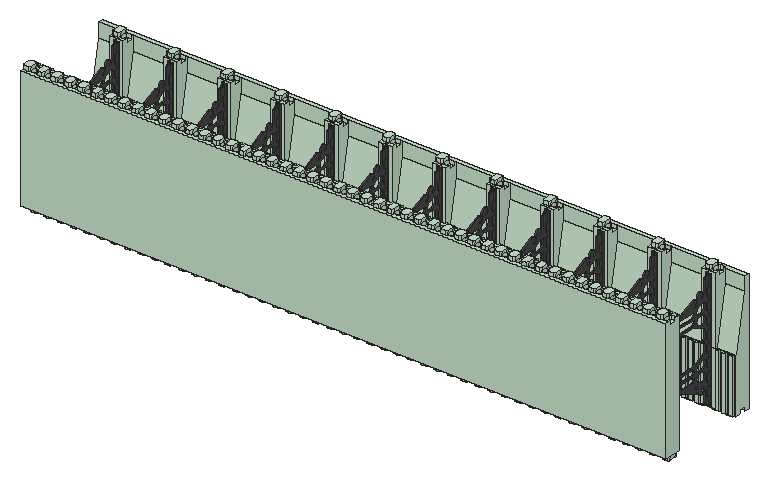
Revit family
Reference planes
  plane 1 "Center (Front/Back)": y = 0
  plane 2: z = 0
  plane 3 "Center (Left/Right)": x = 0
Forms (mm)
  Extrusion 1, solid, material "NUDURA Expanded Polystyrene Foam Insulation"
    sketch origin (0, -101.596, 0) x (1, 0, 0) y (0, 1, 0)
      loop
        line (7.142, -82.55) -> (0, -82.55) -> (0, -142.875) -> (2438.4, -142.875) -> (2438.4, -82.55) -> (2431.258, -82.55) -> (2432.842, -76.2) -> (2418.558, -76.2) -> (2420.142, -82.55) -> (2405.858, -82.55) -> (2407.442, -76.2) -> (2393.158, -76.2) -> (2394.742, -82.55) -> (2380.458, -82.55) -> (2382.042, -76.2) -> (2367.758, -76.2) -> (2369.342, -82.55) -> (2304.258, -82.55) -> (2305.842, -76.2) -> (2291.558, -76.2) -> (2293.142, -82.55) -> (2278.858, -82.55) -> (2280.442, -76.2) -> (2266.158, -76.2) -> (2267.742, -82.55) -> (2253.458, -82.55) -> (2255.042, -76.2) -> (2240.758, -76.2) -> (2242.342, -82.55) -> (2228.058, -82.55) -> (2229.642, -76.2) -> (2215.358, -76.2) -> (2216.942, -82.55) -> (2202.658, -82.55) -> (2204.242, -76.2) -> (2189.958, -76.2) -> (2191.542, -82.55) -> (2177.258, -82.55) -> (2178.842, -76.2) -> (2164.558, -76.2) -> (2166.142, -82.55) -> (2101.058, -82.55) -> (2102.642, -76.2) -> (2088.358, -76.2) -> (2089.942, -82.55) -> (2075.658, -82.55) -> (2077.242, -76.2) -> (2062.958, -76.2) -> (2064.542, -82.55) -> (2050.258, -82.55) -> (2051.842, -76.2) -> (2037.558, -76.2) -> (2039.142, -82.55) -> (2024.858, -82.55) -> (2026.442, -76.2) -> (2012.158, -76.2) -> (2013.742, -82.55) -> (1999.458, -82.55) -> (2001.042, -76.2) -> (1986.758, -76.2) -> (1988.342, -82.55) -> (1974.058, -82.55) -> (1975.642, -76.2) -> (1961.358, -76.2) -> (1962.942, -82.55) -> (1897.858, -82.55) -> (1899.442, -76.2) -> (1885.158, -76.2) -> (1886.742, -82.55) -> (1872.458, -82.55) -> (1874.042, -76.2) -> (1859.758, -76.2) -> (1861.342, -82.55) -> (1847.058, -82.55) -> (1848.642, -76.2) -> (1834.358, -76.2) -> (1835.942, -82.55) -> (1821.658, -82.55) -> (1823.242, -76.2) -> (1808.958, -76.2) -> (1810.542, -82.55) -> (1796.258, -82.55) -> (1797.842, -76.2) -> (1783.558, -76.2) -> (1785.142, -82.55) -> (1770.858, -82.55) -> (1772.442, -76.2) -> (1758.158, -76.2) -> (1759.742, -82.55) -> (1694.658, -82.55) -> (1696.242, -76.2) -> (1681.958, -76.2) -> (1683.542, -82.55) -> (1669.258, -82.55) -> (1670.842, -76.2) -> (1656.558, -76.2) -> (1658.142, -82.55) -> (1643.858, -82.55) -> (1645.442, -76.2) -> (1631.158, -76.2) -> (1632.742, -82.55) -> (1618.458, -82.55) -> (1620.042, -76.2) -> (1605.758, -76.2) -> (1607.342, -82.55) -> (1593.058, -82.55) -> (1594.642, -76.2) -> (1580.358, -76.2) -> (1581.942, -82.55) -> (1567.658, -82.55) -> (1569.242, -76.2) -> (1554.958, -76.2) -> (1556.542, -82.55) -> (1491.458, -82.55) -> (1493.042, -76.2) -> (1478.758, -76.2) -> (1480.342, -82.55) -> (1466.058, -82.55) -> (1467.642, -76.2) -> (1453.358, -76.2) -> (1454.942, -82.55) -> (1440.658, -82.55) -> (1442.242, -76.2) -> (1427.958, -76.2) -> (1429.542, -82.55) -> (1415.258, -82.55) -> (1416.842, -76.2) -> (1402.558, -76.2) -> (1404.142, -82.55) -> (1389.858, -82.55) -> (1391.442, -76.2) -> (1377.158, -76.2) -> (1378.742, -82.55) -> (1364.458, -82.55) -> (1366.042, -76.2) -> (1351.758, -76.2) -> (1353.342, -82.55) -> (1288.258, -82.55) -> (1289.842, -76.2) -> (1275.558, -76.2) -> (1277.142, -82.55) -> (1262.858, -82.55) -> (1264.442, -76.2) -> (1250.158, -76.2) -> (1251.742, -82.55) -> (1237.458, -82.55) -> (1239.042, -76.2) -> (1224.758, -76.2) -> (1226.342, -82.55) -> (1212.058, -82.55) -> (1213.642, -76.2) -> (1199.358, -76.2) -> (1200.942, -82.55) -> (1186.658, -82.55) -> (1188.242, -76.2) -> (1173.958, -76.2) -> (1175.542, -82.55) -> (1161.258, -82.55) -> (1162.842, -76.2) -> (1148.558, -76.2) -> (1150.142, -82.55) -> (1085.058, -82.55) -> (1086.642, -76.2) -> (1072.358, -76.2) -> (1073.942, -82.55) -> (1059.658, -82.55) -> (1061.242, -76.2) -> (1046.958, -76.2) -> (1048.542, -82.55) -> (1034.258, -82.55) -> (1035.842, -76.2) -> (1021.558, -76.2) -> (1023.142, -82.55) -> (1008.858, -82.55) -> (1010.442, -76.2) -> (996.158, -76.2) -> (997.742, -82.55) -> (983.458, -82.55) -> (985.042, -76.2) -> (970.758, -76.2) -> (972.342, -82.55) -> (958.058, -82.55) -> (959.642, -76.2) -> (945.358, -76.2) -> (946.942, -82.55) -> (881.858, -82.55) -> (883.442, -76.2) -> (869.158, -76.2) -> (870.742, -82.55) -> (856.458, -82.55) -> (858.042, -76.2) -> (843.758, -76.2) -> (845.342, -82.55) -> (831.058, -82.55) -> (832.642, -76.2) -> (818.358, -76.2) -> (819.942, -82.55) -> (805.658, -82.55) -> (807.242, -76.2) -> (792.958, -76.2) -> (794.542, -82.55) -> (780.258, -82.55) -> (781.842, -76.2) -> (767.558, -76.2) -> (769.142, -82.55) -> (754.858, -82.55) -> (756.442, -76.2) -> (742.158, -76.2) -> (743.742, -82.55) -> (678.658, -82.55) -> (680.242, -76.2) -> (665.958, -76.2) -> (667.542, -82.55) -> (653.258, -82.55) -> (654.842, -76.2) -> (640.558, -76.2) -> (642.142, -82.55) -> (627.858, -82.55) -> (629.442, -76.2) -> (615.158, -76.2) -> (616.742, -82.55) -> (602.458, -82.55) -> (604.042, -76.2) -> (589.758, -76.2) -> (591.342, -82.55) -> (577.058, -82.55) -> (578.642, -76.2) -> (564.358, -76.2) -> (565.942, -82.55) -> (551.658, -82.55) -> (553.242, -76.2) -> (538.958, -76.2) -> (540.542, -82.55) -> (475.458, -82.55) -> (477.042, -76.2) -> (462.758, -76.2) -> (464.342, -82.55) -> (450.058, -82.55) -> (451.642, -76.2) -> (437.358, -76.2) -> (438.942, -82.55) -> (424.658, -82.55) -> (426.242, -76.2) -> (411.958, -76.2) -> (413.542, -82.55) -> (399.258, -82.55) -> (400.842, -76.2) -> (386.558, -76.2) -> (388.142, -82.55) -> (373.858, -82.55) -> (375.442, -76.2) -> (361.158, -76.2) -> (362.742, -82.55) -> (348.458, -82.55) -> (350.042, -76.2) -> (335.758, -76.2) -> (337.342, -82.55) -> (272.258, -82.55) -> (273.842, -76.2) -> (259.558, -76.2) -> (261.142, -82.55) -> (246.858, -82.55) -> (248.442, -76.2) -> (234.158, -76.2) -> (235.742, -82.55) -> (221.458, -82.55) -> (223.042, -76.2) -> (208.758, -76.2) -> (210.342, -82.55) -> (196.058, -82.55) -> (197.642, -76.2) -> (183.358, -76.2) -> (184.942, -82.55) -> (170.658, -82.55) -> (172.242, -76.2) -> (157.958, -76.2) -> (159.542, -82.55) -> (145.258, -82.55) -> (146.842, -76.2) -> (132.558, -76.2) -> (134.142, -82.55) -> (69.058, -82.55) -> (70.642, -76.2) -> (56.358, -76.2) -> (57.942, -82.55) -> (43.658, -82.55) -> (45.242, -76.2) -> (30.958, -76.2) -> (32.542, -82.55) -> (18.258, -82.55) -> (19.842, -76.2) -> (5.558, -76.2) -> (7.142, -82.55)
    from 0 to 457.2
  Extrusion 2, void
    sketch origin (0, -101.596, 0) x (1, 0, 0) y (0, 1, 0)
      loop
        arc (25.4, -124.411) -> (26.615, -128.147) -> (29.796, -130.453) r 6.35
        arc (29.796, -130.453) -> (38.1, -131.763) -> (46.404, -130.453) r 26.987
        arc (46.404, -130.453) -> (49.585, -128.147) -> (50.8, -124.411) r 6.35
        line (50.8, -124.411) -> (50.8, -101.014)
        arc (50.8, -101.014) -> (50.362, -98.696) -> (49.108, -96.698) r 6.35
        arc (49.108, -96.698) -> (48.795, -96.199) -> (48.685, -95.62) r 1.588
        line (48.685, -95.62) -> (48.685, -86.829) -> (44.346, -86.829) -> (44.346, -92.457)
        arc (44.346, -92.457) -> (43.786, -93.668) -> (42.5, -94.024) r 1.587
        arc (42.5, -94.024) -> (36.091, -93.737) -> (29.796, -94.972) r 26.988
        arc (29.796, -94.972) -> (26.615, -97.278) -> (25.4, -101.014) r 6.35
        line (25.4, -101.014) -> (25.4, -124.411)
    from 457.2 to 444.5
  Extrusion 3, void
    sketch origin (50.8, -101.596, 0) x (1, 0, 0) y (0, 1, 0)
      loop
        arc (25.4, -124.411) -> (26.615, -128.147) -> (29.796, -130.453) r 6.35
        arc (29.796, -130.453) -> (38.1, -131.763) -> (46.404, -130.453) r 26.987
        arc (46.404, -130.453) -> (49.585, -128.147) -> (50.8, -124.411) r 6.35
        line (50.8, -124.411) -> (50.8, -101.014)
        arc (50.8, -101.014) -> (50.362, -98.696) -> (49.108, -96.698) r 6.35
        arc (49.108, -96.698) -> (48.795, -96.199) -> (48.685, -95.62) r 1.588
        line (48.685, -95.62) -> (48.685, -86.829) -> (44.346, -86.829) -> (44.346, -92.457)
        arc (44.346, -92.457) -> (43.786, -93.668) -> (42.5, -94.024) r 1.587
        arc (42.5, -94.024) -> (36.091, -93.737) -> (29.796, -94.972) r 26.988
        arc (29.796, -94.972) -> (26.615, -97.278) -> (25.4, -101.014) r 6.35
        line (25.4, -101.014) -> (25.4, -124.411)
    from 457.2 to 444.5
  Extrusion 4, void
    sketch origin (101.6, -101.596, 0) x (1, 0, 0) y (0, 1, 0)
      loop
        arc (25.4, -124.411) -> (26.615, -128.147) -> (29.796, -130.453) r 6.35
        arc (29.796, -130.453) -> (38.1, -131.763) -> (46.404, -130.453) r 26.987
        arc (46.404, -130.453) -> (49.585, -128.147) -> (50.8, -124.411) r 6.35
        line (50.8, -124.411) -> (50.8, -101.014)
        arc (50.8, -101.014) -> (50.362, -98.696) -> (49.108, -96.698) r 6.35
        arc (49.108, -96.698) -> (48.795, -96.199) -> (48.685, -95.62) r 1.588
        line (48.685, -95.62) -> (48.685, -86.829) -> (44.346, -86.829) -> (44.346, -92.457)
        arc (44.346, -92.457) -> (43.786, -93.668) -> (42.5, -94.024) r 1.587
        arc (42.5, -94.024) -> (36.091, -93.737) -> (29.796, -94.972) r 26.988
        arc (29.796, -94.972) -> (26.615, -97.278) -> (25.4, -101.014) r 6.35
        line (25.4, -101.014) -> (25.4, -124.411)
    from 457.2 to 444.5
  Extrusion 5, void
    sketch origin (152.4, -101.596, 0) x (1, 0, 0) y (0, 1, 0)
      loop
        arc (25.4, -124.411) -> (26.615, -128.147) -> (29.796, -130.453) r 6.35
        arc (29.796, -130.453) -> (38.1, -131.763) -> (46.404, -130.453) r 26.987
        arc (46.404, -130.453) -> (49.585, -128.147) -> (50.8, -124.411) r 6.35
        line (50.8, -124.411) -> (50.8, -101.014)
        arc (50.8, -101.014) -> (50.362, -98.696) -> (49.108, -96.698) r 6.35
        arc (49.108, -96.698) -> (48.795, -96.199) -> (48.685, -95.62) r 1.588
        line (48.685, -95.62) -> (48.685, -86.829) -> (44.346, -86.829) -> (44.346, -92.457)
        arc (44.346, -92.457) -> (43.786, -93.668) -> (42.5, -94.024) r 1.587
        arc (42.5, -94.024) -> (36.091, -93.737) -> (29.796, -94.972) r 26.988
        arc (29.796, -94.972) -> (26.615, -97.278) -> (25.4, -101.014) r 6.35
        line (25.4, -101.014) -> (25.4, -124.411)
    from 457.2 to 444.5
  Extrusion 6, void
    sketch origin (203.2, -101.596, 0) x (1, 0, 0) y (0, 1, 0)
      loop
        arc (25.4, -124.411) -> (26.615, -128.147) -> (29.796, -130.453) r 6.35
        arc (29.796, -130.453) -> (38.1, -131.763) -> (46.404, -130.453) r 26.987
        arc (46.404, -130.453) -> (49.585, -128.147) -> (50.8, -124.411) r 6.35
        line (50.8, -124.411) -> (50.8, -101.014)
        arc (50.8, -101.014) -> (50.362, -98.696) -> (49.108, -96.698) r 6.35
        arc (49.108, -96.698) -> (48.795, -96.199) -> (48.685, -95.62) r 1.588
        line (48.685, -95.62) -> (48.685, -86.829) -> (44.346, -86.829) -> (44.346, -92.457)
        arc (44.346, -92.457) -> (43.786, -93.668) -> (42.5, -94.024) r 1.587
        arc (42.5, -94.024) -> (36.091, -93.737) -> (29.796, -94.972) r 26.988
        arc (29.796, -94.972) -> (26.615, -97.278) -> (25.4, -101.014) r 6.35
        line (25.4, -101.014) -> (25.4, -124.411)
    from 457.2 to 444.5
  Extrusion 7, void
    sketch origin (254, -101.596, 0) x (1, 0, 0) y (0, 1, 0)
      loop
        arc (25.4, -124.411) -> (26.615, -128.147) -> (29.796, -130.453) r 6.35
        arc (29.796, -130.453) -> (38.1, -131.763) -> (46.404, -130.453) r 26.987
        arc (46.404, -130.453) -> (49.585, -128.147) -> (50.8, -124.411) r 6.35
        line (50.8, -124.411) -> (50.8, -101.014)
        arc (50.8, -101.014) -> (50.362, -98.696) -> (49.108, -96.698) r 6.35
        arc (49.108, -96.698) -> (48.795, -96.199) -> (48.685, -95.62) r 1.588
        line (48.685, -95.62) -> (48.685, -86.829) -> (44.346, -86.829) -> (44.346, -92.457)
        arc (44.346, -92.457) -> (43.786, -93.668) -> (42.5, -94.024) r 1.587
        arc (42.5, -94.024) -> (36.091, -93.737) -> (29.796, -94.972) r 26.988
        arc (29.796, -94.972) -> (26.615, -97.278) -> (25.4, -101.014) r 6.35
        line (25.4, -101.014) -> (25.4, -124.411)
    from 457.2 to 444.5
  Extrusion 8, void
    sketch origin (304.8, -101.596, 0) x (1, 0, 0) y (0, 1, 0)
      loop
        arc (25.4, -124.411) -> (26.615, -128.147) -> (29.796, -130.453) r 6.35
        arc (29.796, -130.453) -> (38.1, -131.763) -> (46.404, -130.453) r 26.987
        arc (46.404, -130.453) -> (49.585, -128.147) -> (50.8, -124.411) r 6.35
        line (50.8, -124.411) -> (50.8, -101.014)
        arc (50.8, -101.014) -> (50.362, -98.696) -> (49.108, -96.698) r 6.35
        arc (49.108, -96.698) -> (48.795, -96.199) -> (48.685, -95.62) r 1.588
        line (48.685, -95.62) -> (48.685, -86.829) -> (44.346, -86.829) -> (44.346, -92.457)
        arc (44.346, -92.457) -> (43.786, -93.668) -> (42.5, -94.024) r 1.587
        arc (42.5, -94.024) -> (36.091, -93.737) -> (29.796, -94.972) r 26.988
        arc (29.796, -94.972) -> (26.615, -97.278) -> (25.4, -101.014) r 6.35
        line (25.4, -101.014) -> (25.4, -124.411)
    from 457.2 to 444.5
  Extrusion 9, void
    sketch origin (355.6, -101.596, 0) x (1, 0, 0) y (0, 1, 0)
      loop
        arc (25.4, -124.411) -> (26.615, -128.147) -> (29.796, -130.453) r 6.35
        arc (29.796, -130.453) -> (38.1, -131.763) -> (46.404, -130.453) r 26.987
        arc (46.404, -130.453) -> (49.585, -128.147) -> (50.8, -124.411) r 6.35
        line (50.8, -124.411) -> (50.8, -101.014)
        arc (50.8, -101.014) -> (50.362, -98.696) -> (49.108, -96.698) r 6.35
        arc (49.108, -96.698) -> (48.795, -96.199) -> (48.685, -95.62) r 1.588
        line (48.685, -95.62) -> (48.685, -86.829) -> (44.346, -86.829) -> (44.346, -92.457)
        arc (44.346, -92.457) -> (43.786, -93.668) -> (42.5, -94.024) r 1.587
        arc (42.5, -94.024) -> (36.091, -93.737) -> (29.796, -94.972) r 26.988
        arc (29.796, -94.972) -> (26.615, -97.278) -> (25.4, -101.014) r 6.35
        line (25.4, -101.014) -> (25.4, -124.411)
    from 457.2 to 444.5
  Extrusion 10, void
    sketch origin (406.4, -101.596, 0) x (1, 0, 0) y (0, 1, 0)
      loop
        arc (25.4, -124.411) -> (26.615, -128.147) -> (29.796, -130.453) r 6.35
        arc (29.796, -130.453) -> (38.1, -131.763) -> (46.404, -130.453) r 26.987
        arc (46.404, -130.453) -> (49.585, -128.147) -> (50.8, -124.411) r 6.35
        line (50.8, -124.411) -> (50.8, -101.014)
        arc (50.8, -101.014) -> (50.362, -98.696) -> (49.108, -96.698) r 6.35
        arc (49.108, -96.698) -> (48.795, -96.199) -> (48.685, -95.62) r 1.588
        line (48.685, -95.62) -> (48.685, -86.829) -> (44.346, -86.829) -> (44.346, -92.457)
        arc (44.346, -92.457) -> (43.786, -93.668) -> (42.5, -94.024) r 1.587
        arc (42.5, -94.024) -> (36.091, -93.737) -> (29.796, -94.972) r 26.988
        arc (29.796, -94.972) -> (26.615, -97.278) -> (25.4, -101.014) r 6.35
        line (25.4, -101.014) -> (25.4, -124.411)
    from 457.2 to 444.5
  Extrusion 11, void
    sketch origin (457.2, -101.596, 0) x (1, 0, 0) y (0, 1, 0)
      loop
        arc (25.4, -124.411) -> (26.615, -128.147) -> (29.796, -130.453) r 6.35
        arc (29.796, -130.453) -> (38.1, -131.763) -> (46.404, -130.453) r 26.987
        arc (46.404, -130.453) -> (49.585, -128.147) -> (50.8, -124.411) r 6.35
        line (50.8, -124.411) -> (50.8, -101.014)
        arc (50.8, -101.014) -> (50.362, -98.696) -> (49.108, -96.698) r 6.35
        arc (49.108, -96.698) -> (48.795, -96.199) -> (48.685, -95.62) r 1.588
        line (48.685, -95.62) -> (48.685, -86.829) -> (44.346, -86.829) -> (44.346, -92.457)
        arc (44.346, -92.457) -> (43.786, -93.668) -> (42.5, -94.024) r 1.587
        arc (42.5, -94.024) -> (36.091, -93.737) -> (29.796, -94.972) r 26.988
        arc (29.796, -94.972) -> (26.615, -97.278) -> (25.4, -101.014) r 6.35
        line (25.4, -101.014) -> (25.4, -124.411)
    from 457.2 to 444.5
  Extrusion 12, void
    sketch origin (508, -101.596, 0) x (1, 0, 0) y (0, 1, 0)
      loop
        arc (25.4, -124.411) -> (26.615, -128.147) -> (29.796, -130.453) r 6.35
        arc (29.796, -130.453) -> (38.1, -131.763) -> (46.404, -130.453) r 26.987
        arc (46.404, -130.453) -> (49.585, -128.147) -> (50.8, -124.411) r 6.35
        line (50.8, -124.411) -> (50.8, -101.014)
        arc (50.8, -101.014) -> (50.362, -98.696) -> (49.108, -96.698) r 6.35
        arc (49.108, -96.698) -> (48.795, -96.199) -> (48.685, -95.62) r 1.588
        line (48.685, -95.62) -> (48.685, -86.829) -> (44.346, -86.829) -> (44.346, -92.457)
        arc (44.346, -92.457) -> (43.786, -93.668) -> (42.5, -94.024) r 1.587
        arc (42.5, -94.024) -> (36.091, -93.737) -> (29.796, -94.972) r 26.988
        arc (29.796, -94.972) -> (26.615, -97.278) -> (25.4, -101.014) r 6.35
        line (25.4, -101.014) -> (25.4, -124.411)
    from 457.2 to 444.5
  Extrusion 13, void
    sketch origin (558.8, -101.596, 0) x (1, 0, 0) y (0, 1, 0)
      loop
        arc (25.4, -124.411) -> (26.615, -128.147) -> (29.796, -130.453) r 6.35
        arc (29.796, -130.453) -> (38.1, -131.763) -> (46.404, -130.453) r 26.987
        arc (46.404, -130.453) -> (49.585, -128.147) -> (50.8, -124.411) r 6.35
        line (50.8, -124.411) -> (50.8, -101.014)
        arc (50.8, -101.014) -> (50.362, -98.696) -> (49.108, -96.698) r 6.35
        arc (49.108, -96.698) -> (48.795, -96.199) -> (48.685, -95.62) r 1.588
        line (48.685, -95.62) -> (48.685, -86.829) -> (44.346, -86.829) -> (44.346, -92.457)
        arc (44.346, -92.457) -> (43.786, -93.668) -> (42.5, -94.024) r 1.587
        arc (42.5, -94.024) -> (36.091, -93.737) -> (29.796, -94.972) r 26.988
        arc (29.796, -94.972) -> (26.615, -97.278) -> (25.4, -101.014) r 6.35
        line (25.4, -101.014) -> (25.4, -124.411)
    from 457.2 to 444.5
  Extrusion 14, void
    sketch origin (609.6, -101.596, 0) x (1, 0, 0) y (0, 1, 0)
      loop
        arc (25.4, -124.411) -> (26.615, -128.147) -> (29.796, -130.453) r 6.35
        arc (29.796, -130.453) -> (38.1, -131.763) -> (46.404, -130.453) r 26.987
        arc (46.404, -130.453) -> (49.585, -128.147) -> (50.8, -124.411) r 6.35
        line (50.8, -124.411) -> (50.8, -101.014)
        arc (50.8, -101.014) -> (50.362, -98.696) -> (49.108, -96.698) r 6.35
        arc (49.108, -96.698) -> (48.795, -96.199) -> (48.685, -95.62) r 1.588
        line (48.685, -95.62) -> (48.685, -86.829) -> (44.346, -86.829) -> (44.346, -92.457)
        arc (44.346, -92.457) -> (43.786, -93.668) -> (42.5, -94.024) r 1.587
        arc (42.5, -94.024) -> (36.091, -93.737) -> (29.796, -94.972) r 26.988
        arc (29.796, -94.972) -> (26.615, -97.278) -> (25.4, -101.014) r 6.35
        line (25.4, -101.014) -> (25.4, -124.411)
    from 457.2 to 444.5
  Extrusion 15, void
    sketch origin (660.4, -101.596, 0) x (1, 0, 0) y (0, 1, 0)
      loop
        arc (25.4, -124.411) -> (26.615, -128.147) -> (29.796, -130.453) r 6.35
        arc (29.796, -130.453) -> (38.1, -131.763) -> (46.404, -130.453) r 26.987
        arc (46.404, -130.453) -> (49.585, -128.147) -> (50.8, -124.411) r 6.35
        line (50.8, -124.411) -> (50.8, -101.014)
        arc (50.8, -101.014) -> (50.362, -98.696) -> (49.108, -96.698) r 6.35
        arc (49.108, -96.698) -> (48.795, -96.199) -> (48.685, -95.62) r 1.588
        line (48.685, -95.62) -> (48.685, -86.829) -> (44.346, -86.829) -> (44.346, -92.457)
        arc (44.346, -92.457) -> (43.786, -93.668) -> (42.5, -94.024) r 1.587
        arc (42.5, -94.024) -> (36.091, -93.737) -> (29.796, -94.972) r 26.988
        arc (29.796, -94.972) -> (26.615, -97.278) -> (25.4, -101.014) r 6.35
        line (25.4, -101.014) -> (25.4, -124.411)
    from 457.2 to 444.5
  Extrusion 16, void
    sketch origin (711.2, -101.596, 0) x (1, 0, 0) y (0, 1, 0)
      loop
        arc (25.4, -124.411) -> (26.615, -128.147) -> (29.796, -130.453) r 6.35
        arc (29.796, -130.453) -> (38.1, -131.763) -> (46.404, -130.453) r 26.987
        arc (46.404, -130.453) -> (49.585, -128.147) -> (50.8, -124.411) r 6.35
        line (50.8, -124.411) -> (50.8, -101.014)
        arc (50.8, -101.014) -> (50.362, -98.696) -> (49.108, -96.698) r 6.35
        arc (49.108, -96.698) -> (48.795, -96.199) -> (48.685, -95.62) r 1.588
        line (48.685, -95.62) -> (48.685, -86.829) -> (44.346, -86.829) -> (44.346, -92.457)
        arc (44.346, -92.457) -> (43.786, -93.668) -> (42.5, -94.024) r 1.587
        arc (42.5, -94.024) -> (36.091, -93.737) -> (29.796, -94.972) r 26.988
        arc (29.796, -94.972) -> (26.615, -97.278) -> (25.4, -101.014) r 6.35
        line (25.4, -101.014) -> (25.4, -124.411)
    from 457.2 to 444.5
  Extrusion 17, void
    sketch origin (762, -101.596, 0) x (1, 0, 0) y (0, 1, 0)
      loop
        arc (25.4, -124.411) -> (26.615, -128.147) -> (29.796, -130.453) r 6.35
        arc (29.796, -130.453) -> (38.1, -131.763) -> (46.404, -130.453) r 26.987
        arc (46.404, -130.453) -> (49.585, -128.147) -> (50.8, -124.411) r 6.35
        line (50.8, -124.411) -> (50.8, -101.014)
        arc (50.8, -101.014) -> (50.362, -98.696) -> (49.108, -96.698) r 6.35
        arc (49.108, -96.698) -> (48.795, -96.199) -> (48.685, -95.62) r 1.588
        line (48.685, -95.62) -> (48.685, -86.829) -> (44.346, -86.829) -> (44.346, -92.457)
        arc (44.346, -92.457) -> (43.786, -93.668) -> (42.5, -94.024) r 1.587
        arc (42.5, -94.024) -> (36.091, -93.737) -> (29.796, -94.972) r 26.988
        arc (29.796, -94.972) -> (26.615, -97.278) -> (25.4, -101.014) r 6.35
        line (25.4, -101.014) -> (25.4, -124.411)
    from 457.2 to 444.5
  Extrusion 18, void
    sketch origin (812.8, -101.596, 0) x (1, 0, 0) y (0, 1, 0)
      loop
        arc (25.4, -124.411) -> (26.615, -128.147) -> (29.796, -130.453) r 6.35
        arc (29.796, -130.453) -> (38.1, -131.763) -> (46.404, -130.453) r 26.987
        arc (46.404, -130.453) -> (49.585, -128.147) -> (50.8, -124.411) r 6.35
        line (50.8, -124.411) -> (50.8, -101.014)
        arc (50.8, -101.014) -> (50.362, -98.696) -> (49.108, -96.698) r 6.35
        arc (49.108, -96.698) -> (48.795, -96.199) -> (48.685, -95.62) r 1.588
        line (48.685, -95.62) -> (48.685, -86.829) -> (44.346, -86.829) -> (44.346, -92.457)
        arc (44.346, -92.457) -> (43.786, -93.668) -> (42.5, -94.024) r 1.587
        arc (42.5, -94.024) -> (36.091, -93.737) -> (29.796, -94.972) r 26.988
        arc (29.796, -94.972) -> (26.615, -97.278) -> (25.4, -101.014) r 6.35
        line (25.4, -101.014) -> (25.4, -124.411)
    from 457.2 to 444.5
  Extrusion 19, void
    sketch origin (863.6, -101.596, 0) x (1, 0, 0) y (0, 1, 0)
      loop
        arc (25.4, -124.411) -> (26.615, -128.147) -> (29.796, -130.453) r 6.35
        arc (29.796, -130.453) -> (38.1, -131.763) -> (46.404, -130.453) r 26.987
        arc (46.404, -130.453) -> (49.585, -128.147) -> (50.8, -124.411) r 6.35
        line (50.8, -124.411) -> (50.8, -101.014)
        arc (50.8, -101.014) -> (50.362, -98.696) -> (49.108, -96.698) r 6.35
        arc (49.108, -96.698) -> (48.795, -96.199) -> (48.685, -95.62) r 1.588
        line (48.685, -95.62) -> (48.685, -86.829) -> (44.346, -86.829) -> (44.346, -92.457)
        arc (44.346, -92.457) -> (43.786, -93.668) -> (42.5, -94.024) r 1.587
        arc (42.5, -94.024) -> (36.091, -93.737) -> (29.796, -94.972) r 26.988
        arc (29.796, -94.972) -> (26.615, -97.278) -> (25.4, -101.014) r 6.35
        line (25.4, -101.014) -> (25.4, -124.411)
    from 457.2 to 444.5
  Extrusion 20, void
    sketch origin (914.4, -101.596, 0) x (1, 0, 0) y (0, 1, 0)
      loop
        arc (25.4, -124.411) -> (26.615, -128.147) -> (29.796, -130.453) r 6.35
        arc (29.796, -130.453) -> (38.1, -131.763) -> (46.404, -130.453) r 26.987
        arc (46.404, -130.453) -> (49.585, -128.147) -> (50.8, -124.411) r 6.35
        line (50.8, -124.411) -> (50.8, -101.014)
        arc (50.8, -101.014) -> (50.362, -98.696) -> (49.108, -96.698) r 6.35
        arc (49.108, -96.698) -> (48.795, -96.199) -> (48.685, -95.62) r 1.588
        line (48.685, -95.62) -> (48.685, -86.829) -> (44.346, -86.829) -> (44.346, -92.457)
        arc (44.346, -92.457) -> (43.786, -93.668) -> (42.5, -94.024) r 1.587
        arc (42.5, -94.024) -> (36.091, -93.737) -> (29.796, -94.972) r 26.988
        arc (29.796, -94.972) -> (26.615, -97.278) -> (25.4, -101.014) r 6.35
        line (25.4, -101.014) -> (25.4, -124.411)
    from 457.2 to 444.5
  Extrusion 21, void
    sketch origin (965.2, -101.596, 0) x (1, 0, 0) y (0, 1, 0)
      loop
        arc (25.4, -124.411) -> (26.615, -128.147) -> (29.796, -130.453) r 6.35
        arc (29.796, -130.453) -> (38.1, -131.763) -> (46.404, -130.453) r 26.987
        arc (46.404, -130.453) -> (49.585, -128.147) -> (50.8, -124.411) r 6.35
        line (50.8, -124.411) -> (50.8, -101.014)
        arc (50.8, -101.014) -> (50.362, -98.696) -> (49.108, -96.698) r 6.35
        arc (49.108, -96.698) -> (48.795, -96.199) -> (48.685, -95.62) r 1.588
        line (48.685, -95.62) -> (48.685, -86.829) -> (44.346, -86.829) -> (44.346, -92.457)
        arc (44.346, -92.457) -> (43.786, -93.668) -> (42.5, -94.024) r 1.587
        arc (42.5, -94.024) -> (36.091, -93.737) -> (29.796, -94.972) r 26.988
        arc (29.796, -94.972) -> (26.615, -97.278) -> (25.4, -101.014) r 6.35
        line (25.4, -101.014) -> (25.4, -124.411)
    from 457.2 to 444.5
  Extrusion 22, void
    sketch origin (1016, -101.596, 0) x (1, 0, 0) y (0, 1, 0)
      loop
        arc (25.4, -124.411) -> (26.615, -128.147) -> (29.796, -130.453) r 6.35
        arc (29.796, -130.453) -> (38.1, -131.763) -> (46.404, -130.453) r 26.987
        arc (46.404, -130.453) -> (49.585, -128.147) -> (50.8, -124.411) r 6.35
        line (50.8, -124.411) -> (50.8, -101.014)
        arc (50.8, -101.014) -> (50.362, -98.696) -> (49.108, -96.698) r 6.35
        arc (49.108, -96.698) -> (48.795, -96.199) -> (48.685, -95.62) r 1.588
        line (48.685, -95.62) -> (48.685, -86.829) -> (44.346, -86.829) -> (44.346, -92.457)
        arc (44.346, -92.457) -> (43.786, -93.668) -> (42.5, -94.024) r 1.587
        arc (42.5, -94.024) -> (36.091, -93.737) -> (29.796, -94.972) r 26.988
        arc (29.796, -94.972) -> (26.615, -97.278) -> (25.4, -101.014) r 6.35
        line (25.4, -101.014) -> (25.4, -124.411)
    from 457.2 to 444.5
  Extrusion 23, void
    sketch origin (1066.8, -101.596, 0) x (1, 0, 0) y (0, 1, 0)
      loop
        arc (25.4, -124.411) -> (26.615, -128.147) -> (29.796, -130.453) r 6.35
        arc (29.796, -130.453) -> (38.1, -131.763) -> (46.404, -130.453) r 26.987
        arc (46.404, -130.453) -> (49.585, -128.147) -> (50.8, -124.411) r 6.35
        line (50.8, -124.411) -> (50.8, -101.014)
        arc (50.8, -101.014) -> (50.362, -98.696) -> (49.108, -96.698) r 6.35
        arc (49.108, -96.698) -> (48.795, -96.199) -> (48.685, -95.62) r 1.588
        line (48.685, -95.62) -> (48.685, -86.829) -> (44.346, -86.829) -> (44.346, -92.457)
        arc (44.346, -92.457) -> (43.786, -93.668) -> (42.5, -94.024) r 1.587
        arc (42.5, -94.024) -> (36.091, -93.737) -> (29.796, -94.972) r 26.988
        arc (29.796, -94.972) -> (26.615, -97.278) -> (25.4, -101.014) r 6.35
        line (25.4, -101.014) -> (25.4, -124.411)
    from 457.2 to 444.5
  Extrusion 24, void
    sketch origin (1117.6, -101.596, 0) x (1, 0, 0) y (0, 1, 0)
      loop
        arc (25.4, -124.411) -> (26.615, -128.147) -> (29.796, -130.453) r 6.35
        arc (29.796, -130.453) -> (38.1, -131.763) -> (46.404, -130.453) r 26.987
        arc (46.404, -130.453) -> (49.585, -128.147) -> (50.8, -124.411) r 6.35
        line (50.8, -124.411) -> (50.8, -101.014)
        arc (50.8, -101.014) -> (50.362, -98.696) -> (49.108, -96.698) r 6.35
        arc (49.108, -96.698) -> (48.795, -96.199) -> (48.685, -95.62) r 1.588
        line (48.685, -95.62) -> (48.685, -86.829) -> (44.346, -86.829) -> (44.346, -92.457)
        arc (44.346, -92.457) -> (43.786, -93.668) -> (42.5, -94.024) r 1.587
        arc (42.5, -94.024) -> (36.091, -93.737) -> (29.796, -94.972) r 26.988
        arc (29.796, -94.972) -> (26.615, -97.278) -> (25.4, -101.014) r 6.35
        line (25.4, -101.014) -> (25.4, -124.411)
    from 457.2 to 444.5
  Extrusion 25, void
    sketch origin (1168.4, -101.596, 0) x (1, 0, 0) y (0, 1, 0)
      loop
        arc (25.4, -124.411) -> (26.615, -128.147) -> (29.796, -130.453) r 6.35
        arc (29.796, -130.453) -> (38.1, -131.763) -> (46.404, -130.453) r 26.987
        arc (46.404, -130.453) -> (49.585, -128.147) -> (50.8, -124.411) r 6.35
        line (50.8, -124.411) -> (50.8, -101.014)
        arc (50.8, -101.014) -> (50.362, -98.696) -> (49.108, -96.698) r 6.35
        arc (49.108, -96.698) -> (48.795, -96.199) -> (48.685, -95.62) r 1.588
        line (48.685, -95.62) -> (48.685, -86.829) -> (44.346, -86.829) -> (44.346, -92.457)
        arc (44.346, -92.457) -> (43.786, -93.668) -> (42.5, -94.024) r 1.587
        arc (42.5, -94.024) -> (36.091, -93.737) -> (29.796, -94.972) r 26.988
        arc (29.796, -94.972) -> (26.615, -97.278) -> (25.4, -101.014) r 6.35
        line (25.4, -101.014) -> (25.4, -124.411)
    from 457.2 to 444.5
  Extrusion 26, void
    sketch origin (1219.2, -101.596, 0) x (1, 0, 0) y (0, 1, 0)
      loop
        arc (25.4, -124.411) -> (26.615, -128.147) -> (29.796, -130.453) r 6.35
        arc (29.796, -130.453) -> (38.1, -131.763) -> (46.404, -130.453) r 26.987
        arc (46.404, -130.453) -> (49.585, -128.147) -> (50.8, -124.411) r 6.35
        line (50.8, -124.411) -> (50.8, -101.014)
        arc (50.8, -101.014) -> (50.362, -98.696) -> (49.108, -96.698) r 6.35
        arc (49.108, -96.698) -> (48.795, -96.199) -> (48.685, -95.62) r 1.588
        line (48.685, -95.62) -> (48.685, -86.829) -> (44.346, -86.829) -> (44.346, -92.457)
        arc (44.346, -92.457) -> (43.786, -93.668) -> (42.5, -94.024) r 1.587
        arc (42.5, -94.024) -> (36.091, -93.737) -> (29.796, -94.972) r 26.988
        arc (29.796, -94.972) -> (26.615, -97.278) -> (25.4, -101.014) r 6.35
        line (25.4, -101.014) -> (25.4, -124.411)
    from 457.2 to 444.5
  Extrusion 27, void
    sketch origin (1270, -101.596, 0) x (1, 0, 0) y (0, 1, 0)
      loop
        arc (25.4, -124.411) -> (26.615, -128.147) -> (29.796, -130.453) r 6.35
        arc (29.796, -130.453) -> (38.1, -131.763) -> (46.404, -130.453) r 26.987
        arc (46.404, -130.453) -> (49.585, -128.147) -> (50.8, -124.411) r 6.35
        line (50.8, -124.411) -> (50.8, -101.014)
        arc (50.8, -101.014) -> (50.362, -98.696) -> (49.108, -96.698) r 6.35
        arc (49.108, -96.698) -> (48.795, -96.199) -> (48.685, -95.62) r 1.588
        line (48.685, -95.62) -> (48.685, -86.829) -> (44.346, -86.829) -> (44.346, -92.457)
        arc (44.346, -92.457) -> (43.786, -93.668) -> (42.5, -94.024) r 1.587
        arc (42.5, -94.024) -> (36.091, -93.737) -> (29.796, -94.972) r 26.988
        arc (29.796, -94.972) -> (26.615, -97.278) -> (25.4, -101.014) r 6.35
        line (25.4, -101.014) -> (25.4, -124.411)
    from 457.2 to 444.5
  Extrusion 28, void
    sketch origin (1320.8, -101.596, 0) x (1, 0, 0) y (0, 1, 0)
      loop
        arc (25.4, -124.411) -> (26.615, -128.147) -> (29.796, -130.453) r 6.35
        arc (29.796, -130.453) -> (38.1, -131.763) -> (46.404, -130.453) r 26.987
        arc (46.404, -130.453) -> (49.585, -128.147) -> (50.8, -124.411) r 6.35
        line (50.8, -124.411) -> (50.8, -101.014)
        arc (50.8, -101.014) -> (50.362, -98.696) -> (49.108, -96.698) r 6.35
        arc (49.108, -96.698) -> (48.795, -96.199) -> (48.685, -95.62) r 1.588
        line (48.685, -95.62) -> (48.685, -86.829) -> (44.346, -86.829) -> (44.346, -92.457)
        arc (44.346, -92.457) -> (43.786, -93.668) -> (42.5, -94.024) r 1.587
        arc (42.5, -94.024) -> (36.091, -93.737) -> (29.796, -94.972) r 26.988
        arc (29.796, -94.972) -> (26.615, -97.278) -> (25.4, -101.014) r 6.35
        line (25.4, -101.014) -> (25.4, -124.411)
    from 457.2 to 444.5
  Extrusion 29, void
    sketch origin (1371.6, -101.596, 0) x (1, 0, 0) y (0, 1, 0)
      loop
        arc (25.4, -124.411) -> (26.615, -128.147) -> (29.796, -130.453) r 6.35
        arc (29.796, -130.453) -> (38.1, -131.763) -> (46.404, -130.453) r 26.987
        arc (46.404, -130.453) -> (49.585, -128.147) -> (50.8, -124.411) r 6.35
        line (50.8, -124.411) -> (50.8, -101.014)
        arc (50.8, -101.014) -> (50.362, -98.696) -> (49.108, -96.698) r 6.35
        arc (49.108, -96.698) -> (48.795, -96.199) -> (48.685, -95.62) r 1.588
        line (48.685, -95.62) -> (48.685, -86.829) -> (44.346, -86.829) -> (44.346, -92.457)
        arc (44.346, -92.457) -> (43.786, -93.668) -> (42.5, -94.024) r 1.587
        arc (42.5, -94.024) -> (36.091, -93.737) -> (29.796, -94.972) r 26.988
        arc (29.796, -94.972) -> (26.615, -97.278) -> (25.4, -101.014) r 6.35
        line (25.4, -101.014) -> (25.4, -124.411)
    from 457.2 to 444.5
  Extrusion 30, void
    sketch origin (1422.4, -101.596, 0) x (1, 0, 0) y (0, 1, 0)
      loop
        arc (25.4, -124.411) -> (26.615, -128.147) -> (29.796, -130.453) r 6.35
        arc (29.796, -130.453) -> (38.1, -131.763) -> (46.404, -130.453) r 26.987
        arc (46.404, -130.453) -> (49.585, -128.147) -> (50.8, -124.411) r 6.35
        line (50.8, -124.411) -> (50.8, -101.014)
        arc (50.8, -101.014) -> (50.362, -98.696) -> (49.108, -96.698) r 6.35
        arc (49.108, -96.698) -> (48.795, -96.199) -> (48.685, -95.62) r 1.588
        line (48.685, -95.62) -> (48.685, -86.829) -> (44.346, -86.829) -> (44.346, -92.457)
        arc (44.346, -92.457) -> (43.786, -93.668) -> (42.5, -94.024) r 1.587
        arc (42.5, -94.024) -> (36.091, -93.737) -> (29.796, -94.972) r 26.988
        arc (29.796, -94.972) -> (26.615, -97.278) -> (25.4, -101.014) r 6.35
        line (25.4, -101.014) -> (25.4, -124.411)
    from 457.2 to 444.5
  Extrusion 31, void
    sketch origin (1473.2, -101.596, 0) x (1, 0, 0) y (0, 1, 0)
      loop
        arc (25.4, -124.411) -> (26.615, -128.147) -> (29.796, -130.453) r 6.35
        arc (29.796, -130.453) -> (38.1, -131.763) -> (46.404, -130.453) r 26.987
        arc (46.404, -130.453) -> (49.585, -128.147) -> (50.8, -124.411) r 6.35
        line (50.8, -124.411) -> (50.8, -101.014)
        arc (50.8, -101.014) -> (50.362, -98.696) -> (49.108, -96.698) r 6.35
        arc (49.108, -96.698) -> (48.795, -96.199) -> (48.685, -95.62) r 1.588
        line (48.685, -95.62) -> (48.685, -86.829) -> (44.346, -86.829) -> (44.346, -92.457)
        arc (44.346, -92.457) -> (43.786, -93.668) -> (42.5, -94.024) r 1.587
        arc (42.5, -94.024) -> (36.091, -93.737) -> (29.796, -94.972) r 26.988
        arc (29.796, -94.972) -> (26.615, -97.278) -> (25.4, -101.014) r 6.35
        line (25.4, -101.014) -> (25.4, -124.411)
    from 457.2 to 444.5
  Extrusion 32, void
    sketch origin (1524, -101.596, 0) x (1, 0, 0) y (0, 1, 0)
      loop
        arc (25.4, -124.411) -> (26.615, -128.147) -> (29.796, -130.453) r 6.35
        arc (29.796, -130.453) -> (38.1, -131.763) -> (46.404, -130.453) r 26.987
        arc (46.404, -130.453) -> (49.585, -128.147) -> (50.8, -124.411) r 6.35
        line (50.8, -124.411) -> (50.8, -101.014)
        arc (50.8, -101.014) -> (50.362, -98.696) -> (49.108, -96.698) r 6.35
        arc (49.108, -96.698) -> (48.795, -96.199) -> (48.685, -95.62) r 1.588
        line (48.685, -95.62) -> (48.685, -86.829) -> (44.346, -86.829) -> (44.346, -92.457)
        arc (44.346, -92.457) -> (43.786, -93.668) -> (42.5, -94.024) r 1.587
        arc (42.5, -94.024) -> (36.091, -93.737) -> (29.796, -94.972) r 26.988
        arc (29.796, -94.972) -> (26.615, -97.278) -> (25.4, -101.014) r 6.35
        line (25.4, -101.014) -> (25.4, -124.411)
    from 457.2 to 444.5
  Extrusion 33, void
    sketch origin (1574.8, -101.596, 0) x (1, 0, 0) y (0, 1, 0)
      loop
        arc (25.4, -124.411) -> (26.615, -128.147) -> (29.796, -130.453) r 6.35
        arc (29.796, -130.453) -> (38.1, -131.763) -> (46.404, -130.453) r 26.987
        arc (46.404, -130.453) -> (49.585, -128.147) -> (50.8, -124.411) r 6.35
        line (50.8, -124.411) -> (50.8, -101.014)
        arc (50.8, -101.014) -> (50.362, -98.696) -> (49.108, -96.698) r 6.35
        arc (49.108, -96.698) -> (48.795, -96.199) -> (48.685, -95.62) r 1.588
        line (48.685, -95.62) -> (48.685, -86.829) -> (44.346, -86.829) -> (44.346, -92.457)
        arc (44.346, -92.457) -> (43.786, -93.668) -> (42.5, -94.024) r 1.587
        arc (42.5, -94.024) -> (36.091, -93.737) -> (29.796, -94.972) r 26.988
        arc (29.796, -94.972) -> (26.615, -97.278) -> (25.4, -101.014) r 6.35
        line (25.4, -101.014) -> (25.4, -124.411)
    from 457.2 to 444.5
  Extrusion 34, void
    sketch origin (1625.6, -101.596, 0) x (1, 0, 0) y (0, 1, 0)
      loop
        arc (25.4, -124.411) -> (26.615, -128.147) -> (29.796, -130.453) r 6.35
        arc (29.796, -130.453) -> (38.1, -131.763) -> (46.404, -130.453) r 26.987
        arc (46.404, -130.453) -> (49.585, -128.147) -> (50.8, -124.411) r 6.35
        line (50.8, -124.411) -> (50.8, -101.014)
        arc (50.8, -101.014) -> (50.362, -98.696) -> (49.108, -96.698) r 6.35
        arc (49.108, -96.698) -> (48.795, -96.199) -> (48.685, -95.62) r 1.588
        line (48.685, -95.62) -> (48.685, -86.829) -> (44.346, -86.829) -> (44.346, -92.457)
        arc (44.346, -92.457) -> (43.786, -93.668) -> (42.5, -94.024) r 1.587
        arc (42.5, -94.024) -> (36.091, -93.737) -> (29.796, -94.972) r 26.988
        arc (29.796, -94.972) -> (26.615, -97.278) -> (25.4, -101.014) r 6.35
        line (25.4, -101.014) -> (25.4, -124.411)
    from 457.2 to 444.5
  Extrusion 35, void
    sketch origin (1676.4, -101.596, 0) x (1, 0, 0) y (0, 1, 0)
      loop
        arc (25.4, -124.411) -> (26.615, -128.147) -> (29.796, -130.453) r 6.35
        arc (29.796, -130.453) -> (38.1, -131.763) -> (46.404, -130.453) r 26.987
        arc (46.404, -130.453) -> (49.585, -128.147) -> (50.8, -124.411) r 6.35
        line (50.8, -124.411) -> (50.8, -101.014)
        arc (50.8, -101.014) -> (50.362, -98.696) -> (49.108, -96.698) r 6.35
        arc (49.108, -96.698) -> (48.795, -96.199) -> (48.685, -95.62) r 1.588
        line (48.685, -95.62) -> (48.685, -86.829) -> (44.346, -86.829) -> (44.346, -92.457)
        arc (44.346, -92.457) -> (43.786, -93.668) -> (42.5, -94.024) r 1.587
        arc (42.5, -94.024) -> (36.091, -93.737) -> (29.796, -94.972) r 26.988
        arc (29.796, -94.972) -> (26.615, -97.278) -> (25.4, -101.014) r 6.35
        line (25.4, -101.014) -> (25.4, -124.411)
    from 457.2 to 444.5
  Extrusion 36, void
    sketch origin (1727.2, -101.596, 0) x (1, 0, 0) y (0, 1, 0)
      loop
        arc (25.4, -124.411) -> (26.615, -128.147) -> (29.796, -130.453) r 6.35
        arc (29.796, -130.453) -> (38.1, -131.763) -> (46.404, -130.453) r 26.987
        arc (46.404, -130.453) -> (49.585, -128.147) -> (50.8, -124.411) r 6.35
        line (50.8, -124.411) -> (50.8, -101.014)
        arc (50.8, -101.014) -> (50.362, -98.696) -> (49.108, -96.698) r 6.35
        arc (49.108, -96.698) -> (48.795, -96.199) -> (48.685, -95.62) r 1.588
        line (48.685, -95.62) -> (48.685, -86.829) -> (44.346, -86.829) -> (44.346, -92.457)
        arc (44.346, -92.457) -> (43.786, -93.668) -> (42.5, -94.024) r 1.587
        arc (42.5, -94.024) -> (36.091, -93.737) -> (29.796, -94.972) r 26.988
        arc (29.796, -94.972) -> (26.615, -97.278) -> (25.4, -101.014) r 6.35
        line (25.4, -101.014) -> (25.4, -124.411)
    from 457.2 to 444.5
  Extrusion 37, void
    sketch origin (1778, -101.596, 0) x (1, 0, 0) y (0, 1, 0)
      loop
        arc (25.4, -124.411) -> (26.615, -128.147) -> (29.796, -130.453) r 6.35
        arc (29.796, -130.453) -> (38.1, -131.763) -> (46.404, -130.453) r 26.987
        arc (46.404, -130.453) -> (49.585, -128.147) -> (50.8, -124.411) r 6.35
        line (50.8, -124.411) -> (50.8, -101.014)
        arc (50.8, -101.014) -> (50.362, -98.696) -> (49.108, -96.698) r 6.35
        arc (49.108, -96.698) -> (48.795, -96.199) -> (48.685, -95.62) r 1.588
        line (48.685, -95.62) -> (48.685, -86.829) -> (44.346, -86.829) -> (44.346, -92.457)
        arc (44.346, -92.457) -> (43.786, -93.668) -> (42.5, -94.024) r 1.587
        arc (42.5, -94.024) -> (36.091, -93.737) -> (29.796, -94.972) r 26.988
        arc (29.796, -94.972) -> (26.615, -97.278) -> (25.4, -101.014) r 6.35
        line (25.4, -101.014) -> (25.4, -124.411)
    from 457.2 to 444.5
  Extrusion 38, void
    sketch origin (1828.8, -101.596, 0) x (1, 0, 0) y (0, 1, 0)
      loop
        arc (25.4, -124.411) -> (26.615, -128.147) -> (29.796, -130.453) r 6.35
        arc (29.796, -130.453) -> (38.1, -131.763) -> (46.404, -130.453) r 26.987
        arc (46.404, -130.453) -> (49.585, -128.147) -> (50.8, -124.411) r 6.35
        line (50.8, -124.411) -> (50.8, -101.014)
        arc (50.8, -101.014) -> (50.362, -98.696) -> (49.108, -96.698) r 6.35
        arc (49.108, -96.698) -> (48.795, -96.199) -> (48.685, -95.62) r 1.588
        line (48.685, -95.62) -> (48.685, -86.829) -> (44.346, -86.829) -> (44.346, -92.457)
        arc (44.346, -92.457) -> (43.786, -93.668) -> (42.5, -94.024) r 1.587
        arc (42.5, -94.024) -> (36.091, -93.737) -> (29.796, -94.972) r 26.988
        arc (29.796, -94.972) -> (26.615, -97.278) -> (25.4, -101.014) r 6.35
        line (25.4, -101.014) -> (25.4, -124.411)
    from 457.2 to 444.5
  Extrusion 39, void
    sketch origin (1879.6, -101.596, 0) x (1, 0, 0) y (0, 1, 0)
      loop
        arc (25.4, -124.411) -> (26.615, -128.147) -> (29.796, -130.453) r 6.35
        arc (29.796, -130.453) -> (38.1, -131.763) -> (46.404, -130.453) r 26.987
        arc (46.404, -130.453) -> (49.585, -128.147) -> (50.8, -124.411) r 6.35
        line (50.8, -124.411) -> (50.8, -101.014)
        arc (50.8, -101.014) -> (50.362, -98.696) -> (49.108, -96.698) r 6.35
        arc (49.108, -96.698) -> (48.795, -96.199) -> (48.685, -95.62) r 1.588
        line (48.685, -95.62) -> (48.685, -86.829) -> (44.346, -86.829) -> (44.346, -92.457)
        arc (44.346, -92.457) -> (43.786, -93.668) -> (42.5, -94.024) r 1.587
        arc (42.5, -94.024) -> (36.091, -93.737) -> (29.796, -94.972) r 26.988
        arc (29.796, -94.972) -> (26.615, -97.278) -> (25.4, -101.014) r 6.35
        line (25.4, -101.014) -> (25.4, -124.411)
    from 457.2 to 444.5
  Extrusion 40, void
    sketch origin (1930.4, -101.596, 0) x (1, 0, 0) y (0, 1, 0)
      loop
        arc (25.4, -124.411) -> (26.615, -128.147) -> (29.796, -130.453) r 6.35
        arc (29.796, -130.453) -> (38.1, -131.763) -> (46.404, -130.453) r 26.987
        arc (46.404, -130.453) -> (49.585, -128.147) -> (50.8, -124.411) r 6.35
        line (50.8, -124.411) -> (50.8, -101.014)
        arc (50.8, -101.014) -> (50.362, -98.696) -> (49.108, -96.698) r 6.35
        arc (49.108, -96.698) -> (48.795, -96.199) -> (48.685, -95.62) r 1.588
        line (48.685, -95.62) -> (48.685, -86.829) -> (44.346, -86.829) -> (44.346, -92.457)
        arc (44.346, -92.457) -> (43.786, -93.668) -> (42.5, -94.024) r 1.587
        arc (42.5, -94.024) -> (36.091, -93.737) -> (29.796, -94.972) r 26.988
        arc (29.796, -94.972) -> (26.615, -97.278) -> (25.4, -101.014) r 6.35
        line (25.4, -101.014) -> (25.4, -124.411)
    from 457.2 to 444.5
  Extrusion 41, void
    sketch origin (1981.2, -101.596, 0) x (1, 0, 0) y (0, 1, 0)
      loop
        arc (25.4, -124.411) -> (26.615, -128.147) -> (29.796, -130.453) r 6.35
        arc (29.796, -130.453) -> (38.1, -131.763) -> (46.404, -130.453) r 26.987
        arc (46.404, -130.453) -> (49.585, -128.147) -> (50.8, -124.411) r 6.35
        line (50.8, -124.411) -> (50.8, -101.014)
        arc (50.8, -101.014) -> (50.362, -98.696) -> (49.108, -96.698) r 6.35
        arc (49.108, -96.698) -> (48.795, -96.199) -> (48.685, -95.62) r 1.588
        line (48.685, -95.62) -> (48.685, -86.829) -> (44.346, -86.829) -> (44.346, -92.457)
        arc (44.346, -92.457) -> (43.786, -93.668) -> (42.5, -94.024) r 1.587
        arc (42.5, -94.024) -> (36.091, -93.737) -> (29.796, -94.972) r 26.988
        arc (29.796, -94.972) -> (26.615, -97.278) -> (25.4, -101.014) r 6.35
        line (25.4, -101.014) -> (25.4, -124.411)
    from 457.2 to 444.5
  Extrusion 42, void
    sketch origin (2032, -101.596, 0) x (1, 0, 0) y (0, 1, 0)
      loop
        arc (25.4, -124.411) -> (26.615, -128.147) -> (29.796, -130.453) r 6.35
        arc (29.796, -130.453) -> (38.1, -131.763) -> (46.404, -130.453) r 26.987
        arc (46.404, -130.453) -> (49.585, -128.147) -> (50.8, -124.411) r 6.35
        line (50.8, -124.411) -> (50.8, -101.014)
        arc (50.8, -101.014) -> (50.362, -98.696) -> (49.108, -96.698) r 6.35
        arc (49.108, -96.698) -> (48.795, -96.199) -> (48.685, -95.62) r 1.588
        line (48.685, -95.62) -> (48.685, -86.829) -> (44.346, -86.829) -> (44.346, -92.457)
        arc (44.346, -92.457) -> (43.786, -93.668) -> (42.5, -94.024) r 1.587
        arc (42.5, -94.024) -> (36.091, -93.737) -> (29.796, -94.972) r 26.988
        arc (29.796, -94.972) -> (26.615, -97.278) -> (25.4, -101.014) r 6.35
        line (25.4, -101.014) -> (25.4, -124.411)
    from 457.2 to 444.5
  Extrusion 43, void
    sketch origin (2082.8, -101.596, 0) x (1, 0, 0) y (0, 1, 0)
      loop
        arc (25.4, -124.411) -> (26.615, -128.147) -> (29.796, -130.453) r 6.35
        arc (29.796, -130.453) -> (38.1, -131.763) -> (46.404, -130.453) r 26.987
        arc (46.404, -130.453) -> (49.585, -128.147) -> (50.8, -124.411) r 6.35
        line (50.8, -124.411) -> (50.8, -101.014)
        arc (50.8, -101.014) -> (50.362, -98.696) -> (49.108, -96.698) r 6.35
        arc (49.108, -96.698) -> (48.795, -96.199) -> (48.685, -95.62) r 1.588
        line (48.685, -95.62) -> (48.685, -86.829) -> (44.346, -86.829) -> (44.346, -92.457)
        arc (44.346, -92.457) -> (43.786, -93.668) -> (42.5, -94.024) r 1.587
        arc (42.5, -94.024) -> (36.091, -93.737) -> (29.796, -94.972) r 26.988
        arc (29.796, -94.972) -> (26.615, -97.278) -> (25.4, -101.014) r 6.35
        line (25.4, -101.014) -> (25.4, -124.411)
    from 457.2 to 444.5
  Extrusion 44, void
    sketch origin (2133.6, -101.596, 0) x (1, 0, 0) y (0, 1, 0)
      loop
        arc (25.4, -124.411) -> (26.615, -128.147) -> (29.796, -130.453) r 6.35
        arc (29.796, -130.453) -> (38.1, -131.763) -> (46.404, -130.453) r 26.987
        arc (46.404, -130.453) -> (49.585, -128.147) -> (50.8, -124.411) r 6.35
        line (50.8, -124.411) -> (50.8, -101.014)
        arc (50.8, -101.014) -> (50.362, -98.696) -> (49.108, -96.698) r 6.35
        arc (49.108, -96.698) -> (48.795, -96.199) -> (48.685, -95.62) r 1.588
        line (48.685, -95.62) -> (48.685, -86.829) -> (44.346, -86.829) -> (44.346, -92.457)
        arc (44.346, -92.457) -> (43.786, -93.668) -> (42.5, -94.024) r 1.587
        arc (42.5, -94.024) -> (36.091, -93.737) -> (29.796, -94.972) r 26.988
        arc (29.796, -94.972) -> (26.615, -97.278) -> (25.4, -101.014) r 6.35
        line (25.4, -101.014) -> (25.4, -124.411)
    from 457.2 to 444.5
  Extrusion 45, void
    sketch origin (2184.4, -101.596, 0) x (1, 0, 0) y (0, 1, 0)
      loop
        arc (25.4, -124.411) -> (26.615, -128.147) -> (29.796, -130.453) r 6.35
        arc (29.796, -130.453) -> (38.1, -131.763) -> (46.404, -130.453) r 26.987
        arc (46.404, -130.453) -> (49.585, -128.147) -> (50.8, -124.411) r 6.35
        line (50.8, -124.411) -> (50.8, -101.014)
        arc (50.8, -101.014) -> (50.362, -98.696) -> (49.108, -96.698) r 6.35
        arc (49.108, -96.698) -> (48.795, -96.199) -> (48.685, -95.62) r 1.588
        line (48.685, -95.62) -> (48.685, -86.829) -> (44.346, -86.829) -> (44.346, -92.457)
        arc (44.346, -92.457) -> (43.786, -93.668) -> (42.5, -94.024) r 1.587
        arc (42.5, -94.024) -> (36.091, -93.737) -> (29.796, -94.972) r 26.988
        arc (29.796, -94.972) -> (26.615, -97.278) -> (25.4, -101.014) r 6.35
        line (25.4, -101.014) -> (25.4, -124.411)
    from 457.2 to 444.5
  Extrusion 46, void
    sketch origin (2235.2, -101.596, 0) x (1, 0, 0) y (0, 1, 0)
      loop
        arc (25.4, -124.411) -> (26.615, -128.147) -> (29.796, -130.453) r 6.35
        arc (29.796, -130.453) -> (38.1, -131.763) -> (46.404, -130.453) r 26.987
        arc (46.404, -130.453) -> (49.585, -128.147) -> (50.8, -124.411) r 6.35
        line (50.8, -124.411) -> (50.8, -101.014)
        arc (50.8, -101.014) -> (50.362, -98.696) -> (49.108, -96.698) r 6.35
        arc (49.108, -96.698) -> (48.795, -96.199) -> (48.685, -95.62) r 1.588
        line (48.685, -95.62) -> (48.685, -86.829) -> (44.346, -86.829) -> (44.346, -92.457)
        arc (44.346, -92.457) -> (43.786, -93.668) -> (42.5, -94.024) r 1.587
        arc (42.5, -94.024) -> (36.091, -93.737) -> (29.796, -94.972) r 26.988
        arc (29.796, -94.972) -> (26.615, -97.278) -> (25.4, -101.014) r 6.35
        line (25.4, -101.014) -> (25.4, -124.411)
    from 457.2 to 444.5
  Extrusion 47, void
    sketch origin (2286, -101.596, 0) x (1, 0, 0) y (0, 1, 0)
      loop
        arc (25.4, -124.411) -> (26.615, -128.147) -> (29.796, -130.453) r 6.35
        arc (29.796, -130.453) -> (38.1, -131.763) -> (46.404, -130.453) r 26.987
        arc (46.404, -130.453) -> (49.585, -128.147) -> (50.8, -124.411) r 6.35
        line (50.8, -124.411) -> (50.8, -101.014)
        arc (50.8, -101.014) -> (50.362, -98.696) -> (49.108, -96.698) r 6.35
        arc (49.108, -96.698) -> (48.795, -96.199) -> (48.685, -95.62) r 1.588
        line (48.685, -95.62) -> (48.685, -86.829) -> (44.346, -86.829) -> (44.346, -92.457)
        arc (44.346, -92.457) -> (43.786, -93.668) -> (42.5, -94.024) r 1.587
        arc (42.5, -94.024) -> (36.091, -93.737) -> (29.796, -94.972) r 26.988
        arc (29.796, -94.972) -> (26.615, -97.278) -> (25.4, -101.014) r 6.35
        line (25.4, -101.014) -> (25.4, -124.411)
    from 457.2 to 444.5
  Extrusion 48, void
    sketch origin (2336.8, -101.596, 0) x (1, 0, 0) y (0, 1, 0)
      loop
        arc (25.4, -124.411) -> (26.615, -128.147) -> (29.796, -130.453) r 6.35
        arc (29.796, -130.453) -> (38.1, -131.763) -> (46.404, -130.453) r 26.987
        arc (46.404, -130.453) -> (49.585, -128.147) -> (50.8, -124.411) r 6.35
        line (50.8, -124.411) -> (50.8, -101.014)
        arc (50.8, -101.014) -> (50.362, -98.696) -> (49.108, -96.698) r 6.35
        arc (49.108, -96.698) -> (48.795, -96.199) -> (48.685, -95.62) r 1.588
        line (48.685, -95.62) -> (48.685, -86.829) -> (44.346, -86.829) -> (44.346, -92.457)
        arc (44.346, -92.457) -> (43.786, -93.668) -> (42.5, -94.024) r 1.587
        arc (42.5, -94.024) -> (36.091, -93.737) -> (29.796, -94.972) r 26.988
        arc (29.796, -94.972) -> (26.615, -97.278) -> (25.4, -101.014) r 6.35
        line (25.4, -101.014) -> (25.4, -124.411)
    from 457.2 to 444.5
  Extrusion 49, void
    sketch origin (2387.6, -101.596, 0) x (1, 0, 0) y (0, 1, 0)
      loop
        arc (25.4, -124.411) -> (26.615, -128.147) -> (29.796, -130.453) r 6.35
        arc (29.796, -130.453) -> (38.1, -131.763) -> (46.404, -130.453) r 26.987
        arc (46.404, -130.453) -> (49.585, -128.147) -> (50.8, -124.411) r 6.35
        line (50.8, -124.411) -> (50.8, -101.014)
        arc (50.8, -101.014) -> (50.362, -98.696) -> (49.108, -96.698) r 6.35
        arc (49.108, -96.698) -> (48.795, -96.199) -> (48.685, -95.62) r 1.588
        line (48.685, -95.62) -> (48.685, -86.829) -> (44.346, -86.829) -> (44.346, -92.457)
        arc (44.346, -92.457) -> (43.786, -93.668) -> (42.5, -94.024) r 1.587
        arc (42.5, -94.024) -> (36.091, -93.737) -> (29.796, -94.972) r 26.988
        arc (29.796, -94.972) -> (26.615, -97.278) -> (25.4, -101.014) r 6.35
        line (25.4, -101.014) -> (25.4, -124.411)
    from 457.2 to 444.5
  Extrusion 50, void
    sketch origin (2387.6, 0.004, 0) x (-1, 0, 0) y (0, -1, 0)
      loop
        arc (25.4, -124.411) -> (26.615, -128.147) -> (29.796, -130.453) r 6.35
        arc (29.796, -130.453) -> (38.1, -131.763) -> (46.404, -130.453) r 26.987
        arc (46.404, -130.453) -> (49.585, -128.147) -> (50.8, -124.411) r 6.35
        line (50.8, -124.411) -> (50.8, -101.014)
        arc (50.8, -101.014) -> (50.362, -98.696) -> (49.108, -96.698) r 6.35
        arc (49.108, -96.698) -> (48.795, -96.199) -> (48.685, -95.62) r 1.588
        line (48.685, -95.62) -> (48.685, -86.829) -> (44.346, -86.829) -> (44.346, -92.457)
        arc (44.346, -92.457) -> (43.786, -93.668) -> (42.5, -94.024) r 1.587
        arc (42.5, -94.024) -> (36.091, -93.737) -> (29.796, -94.972) r 26.988
        arc (29.796, -94.972) -> (26.615, -97.278) -> (25.4, -101.014) r 6.35
        line (25.4, -101.014) -> (25.4, -124.411)
    from 457.2 to 444.5
  Extrusion 51, void
    sketch origin (2184.4, 0.004, 0) x (-1, 0, 0) y (0, -1, 0)
      loop
        arc (25.4, -124.411) -> (26.615, -128.147) -> (29.796, -130.453) r 6.35
        arc (29.796, -130.453) -> (38.1, -131.763) -> (46.404, -130.453) r 26.987
        arc (46.404, -130.453) -> (49.585, -128.147) -> (50.8, -124.411) r 6.35
        line (50.8, -124.411) -> (50.8, -101.014)
        arc (50.8, -101.014) -> (50.362, -98.696) -> (49.108, -96.698) r 6.35
        arc (49.108, -96.698) -> (48.795, -96.199) -> (48.685, -95.62) r 1.588
        line (48.685, -95.62) -> (48.685, -86.829) -> (44.346, -86.829) -> (44.346, -92.457)
        arc (44.346, -92.457) -> (43.786, -93.668) -> (42.5, -94.024) r 1.587
        arc (42.5, -94.024) -> (36.091, -93.737) -> (29.796, -94.972) r 26.988
        arc (29.796, -94.972) -> (26.615, -97.278) -> (25.4, -101.014) r 6.35
        line (25.4, -101.014) -> (25.4, -124.411)
    from 457.2 to 444.5
  Extrusion 52, void
    sketch origin (1981.2, 0.004, 0) x (-1, 0, 0) y (0, -1, 0)
      loop
        arc (25.4, -124.411) -> (26.615, -128.147) -> (29.796, -130.453) r 6.35
        arc (29.796, -130.453) -> (38.1, -131.763) -> (46.404, -130.453) r 26.987
        arc (46.404, -130.453) -> (49.585, -128.147) -> (50.8, -124.411) r 6.35
        line (50.8, -124.411) -> (50.8, -101.014)
        arc (50.8, -101.014) -> (50.362, -98.696) -> (49.108, -96.698) r 6.35
        arc (49.108, -96.698) -> (48.795, -96.199) -> (48.685, -95.62) r 1.588
        line (48.685, -95.62) -> (48.685, -86.829) -> (44.346, -86.829) -> (44.346, -92.457)
        arc (44.346, -92.457) -> (43.786, -93.668) -> (42.5, -94.024) r 1.587
        arc (42.5, -94.024) -> (36.091, -93.737) -> (29.796, -94.972) r 26.988
        arc (29.796, -94.972) -> (26.615, -97.278) -> (25.4, -101.014) r 6.35
        line (25.4, -101.014) -> (25.4, -124.411)
    from 457.2 to 444.5
  Extrusion 53, void
    sketch origin (1778, 0.004, 0) x (-1, 0, 0) y (0, -1, 0)
      loop
        arc (25.4, -124.411) -> (26.615, -128.147) -> (29.796, -130.453) r 6.35
        arc (29.796, -130.453) -> (38.1, -131.763) -> (46.404, -130.453) r 26.987
        arc (46.404, -130.453) -> (49.585, -128.147) -> (50.8, -124.411) r 6.35
        line (50.8, -124.411) -> (50.8, -101.014)
        arc (50.8, -101.014) -> (50.362, -98.696) -> (49.108, -96.698) r 6.35
        arc (49.108, -96.698) -> (48.795, -96.199) -> (48.685, -95.62) r 1.588
        line (48.685, -95.62) -> (48.685, -86.829) -> (44.346, -86.829) -> (44.346, -92.457)
        arc (44.346, -92.457) -> (43.786, -93.668) -> (42.5, -94.024) r 1.587
        arc (42.5, -94.024) -> (36.091, -93.737) -> (29.796, -94.972) r 26.988
        arc (29.796, -94.972) -> (26.615, -97.278) -> (25.4, -101.014) r 6.35
        line (25.4, -101.014) -> (25.4, -124.411)
    from 457.2 to 444.5
  Extrusion 54, void
    sketch origin (1574.8, 0.004, 0) x (-1, 0, 0) y (0, -1, 0)
      loop
        arc (25.4, -124.411) -> (26.615, -128.147) -> (29.796, -130.453) r 6.35
        arc (29.796, -130.453) -> (38.1, -131.763) -> (46.404, -130.453) r 26.987
        arc (46.404, -130.453) -> (49.585, -128.147) -> (50.8, -124.411) r 6.35
        line (50.8, -124.411) -> (50.8, -101.014)
